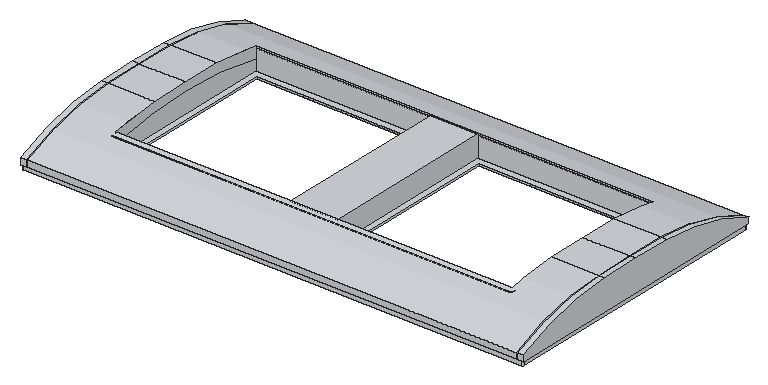
Revit family "Gira_0212738", category Electrical Fixtures, host Face, Revit 2017
Family settings
  Host = Face
  Maintain Annotation Orientation = No
  Round Connector Dimension = Use Diameter
  Part Type = Normal
  Cut with Voids When Loaded = No
  Shared = No
  Room Calculation Point = No
Parameters (values of type "Cov.fr. 2-g interm.fr. AN Gira Event Clear black")
  URL = "http://katalog.gira.de/en/datenblatt.html?artikelnr=0212738"
  Transparent = "No"
  Name = "Cov.fr. 2-g interm.fr. AN Gira Event Clear black"
  Manufacturer URL = "https://www.gira.de/"
  Manufacturer = "Gira"
  Label space/information surface = "No"
  Keynote = ""
  HeinzeBIM = "https://bimportal.heinze.de/bim/cov-fr-2-g-interm-fr-an-gira-event-clear-black/f1a78c52d405c4365b9ca6b942b24290dbd9e245"
  HAN = "0212738"
  GTIN = "4010337068914"
  Description = "Cov.fr.2g i.fr.AN EvCl BK,Gira Event Clear cover frame,black with anthracite intermediate frame,2-gang,Features:,- Shatter-proof."
  Default Elevation = 1219.2 mm
  Data sheet (1) = "https://katalog.gira.de/en/download.html?artikelnr=0212738"
  Category = "Cover frame for domestic switching devices"
  BIM (1) = "https://media.stage.bim.site/public/gira/36a6b08/Event_Rahmen_2fach.rfa"
  Available = "No"
Reference planes
  plane 1 "Center (Front/Back)": y = 0
  plane 2: z = 0
  plane 3 "Center (Left/Right)": x = 0
Forms (mm)
  Extrusion 1, solid, detail levels fine
    sketch origin (0, 0, 0.05) x (0, 1, 0) y (0, 0, 1)
      loop
        arc (12.445, 9.683) -> (6.223, 9.833) -> (0, 9.85) r 291.636
        arc (0, 9.85) -> (-6.223, 9.833) -> (-12.445, 9.683) r 291.636
        arc (-12.445, 9.683) -> (-29.14, 7.482) -> (-45, 1.823) r 79.728
        line (-45, 1.823) -> (-45, -0.05) -> (-42.086, -0.05)
        arc (-42.086, -0.05) -> (-21.385, 5.559) -> (0, 7.206) r 114.424
        arc (0, 7.206) -> (21.385, 5.559) -> (42.086, -0.05) r 114.424
        line (42.086, -0.05) -> (45, -0.05) -> (45, 1.823)
        arc (45, 1.823) -> (29.14, 7.482) -> (12.445, 9.683) r 79.728
    from -78.55 to 78.55
  Extrusion 2, void, detail levels fine
    sketch origin (0, 0, 0) x (1, 0, 0) y (0, 1, 0)
      loop
        line (-63.55, -27.937) -> (63.55, -27.937) -> (63.55, 28.063) -> (-63.55, 28.063) -> (-63.55, -27.937)
    from 0.724 to 11
  Extrusion 3, solid, detail levels coarse
    sketch origin (0, 0, 0) x (1, 0, 0) y (0, 1, 0)
      loop
        line (-80.55, 45) -> (-80.55, -45) -> (80.55, -45) -> (80.55, 45) -> (-80.55, 45)
    from -1.5 to 9.9
  Extrusion 4, solid, detail levels medium
    sketch origin (0, 0, 0.05) x (0, 1, 0) y (0, 0, 1)
      loop
        arc (12.445, 9.683) -> (6.223, 9.833) -> (0, 9.85) r 291.636
        arc (0, 9.85) -> (-6.223, 9.833) -> (-12.445, 9.683) r 291.636
        arc (-12.445, 9.683) -> (-29.14, 7.482) -> (-45, 1.823) r 79.728
        line (-45, 1.823) -> (-45, -0.05) -> (45, -0.05) -> (45, 1.823)
        arc (45, 1.823) -> (29.14, 7.482) -> (12.445, 9.683) r 79.728
    from -80.55 to 80.55
  Extrusion 5, solid, detail levels fine
    sketch origin (-35.55, 0, -1.5) x (0, 1, 0) y (0, 0, -1)
      loop
        line (45, -3.373) -> (45, -1.5) -> (-45, -1.5) -> (-45, -3.373)
        arc (-45, -3.373) -> (-29.14, -9.032) -> (-12.445, -11.233) r 79.728
        arc (-12.445, -11.233) -> (-6.223, -11.383) -> (0, -11.4) r 291.636
        arc (0, -11.4) -> (6.223, -11.383) -> (12.445, -11.233) r 291.636
        arc (12.445, -11.233) -> (29.14, -9.032) -> (45, -3.373) r 79.728
    from 43 to 45
  Extrusion 6, solid, detail levels fine
    sketch origin (0, 0, 0) x (1, 0, 0) y (0, 1, 0)
      loop
        line (-61.45, 25.7) -> (-61.45, -25.7) -> (-9.65, -25.7) -> (-9.65, 25.7) -> (-61.45, 25.7)
      loop
        line (61.45, -25.7) -> (61.45, 25.7) -> (9.65, 25.7) -> (9.65, -25.7) -> (61.45, -25.7)
      loop
        line (-64.445, 28.49) -> (-64.445, -28.495)
        spline (-64.445, -28.495) -> (-64.436, -28.625) -> (-64.411, -28.754) -> (-64.369, -28.878) -> (-64.311, -28.995) -> (-64.238, -29.104) -> (-64.152, -29.202) -> (-64.054, -29.288) -> (-63.945, -29.361) -> (-63.828, -29.419) -> (-63.704, -29.461) -> (-63.575, -29.486) -> (-63.445, -29.495)
        line (-63.445, -29.495) -> (63.445, -29.495)
        spline (63.445, -29.495) -> (63.575, -29.486) -> (63.704, -29.461) -> (63.828, -29.419) -> (63.945, -29.361) -> (64.054, -29.288) -> (64.152, -29.202) -> (64.238, -29.104) -> (64.311, -28.995) -> (64.369, -28.878) -> (64.411, -28.754) -> (64.436, -28.625) -> (64.445, -28.495)
        line (64.445, -28.495) -> (64.445, 28.49)
        spline (64.445, 28.49) -> (64.436, 28.62) -> (64.411, 28.748) -> (64.369, 28.872) -> (64.311, 28.99) -> (64.238, 29.098) -> (64.152, 29.197) -> (64.054, 29.283) -> (63.945, 29.356) -> (63.828, 29.413) -> (63.704, 29.456) -> (63.575, 29.481) -> (63.445, 29.49)
        line (63.445, 29.49) -> (-63.445, 29.49)
        spline (-63.445, 29.49) -> (-63.575, 29.481) -> (-63.704, 29.456) -> (-63.828, 29.413) -> (-63.945, 29.356) -> (-64.054, 29.283) -> (-64.152, 29.197) -> (-64.238, 29.098) -> (-64.311, 28.99) -> (-64.369, 28.872) -> (-64.411, 28.748) -> (-64.436, 28.62) -> (-64.445, 28.49)
    from 0.1 to 7.3
  Extrusion 7, solid
    sketch origin (0, 0, 0) x (1, 0, 0) y (0, 1, 0)
      loop
        arc (-80.25, -44.2) -> (-80.104, -44.554) -> (-79.75, -44.7) r 0.5
        line (-79.75, -44.7) -> (79.75, -44.7)
        arc (79.75, -44.7) -> (80.104, -44.554) -> (80.25, -44.2) r 0.5
        line (80.25, -44.2) -> (80.25, 44.2)
        arc (80.25, 44.2) -> (80.104, 44.554) -> (79.75, 44.7) r 0.5
        line (79.75, 44.7) -> (-79.75, 44.7)
        arc (-79.75, 44.7) -> (-80.104, 44.554) -> (-80.25, 44.2) r 0.5
        line (-80.25, 44.2) -> (-80.25, -44.2)
      loop
        line (-78.55, 43) -> (-78.55, -43) -> (78.55, -43) -> (78.55, 43) -> (-78.55, 43)
    from -1.5 to 0.5
  Extrusion 8, solid, detail levels fine
    sketch origin (35.55, 0, -1.5) x (0, 1, 0) y (0, 0, 1)
      loop
        arc (45, 3.373) -> (29.14, 9.032) -> (12.445, 11.233) r 79.728
        arc (12.445, 11.233) -> (6.223, 11.383) -> (0, 11.4) r 291.636
        arc (0, 11.4) -> (-6.223, 11.383) -> (-12.445, 11.233) r 291.636
        arc (-12.445, 11.233) -> (-29.14, 9.032) -> (-45, 3.373) r 79.728
        line (-45, 3.373) -> (-45, 1.5) -> (45, 1.5) -> (45, 3.373)
    from 43 to 45
  Extrusion 9, solid, detail levels medium
    sketch origin (0, 0, 0) x (1, 0, 0) y (0, 1, 0)
      loop
        line (-80.25, -44.7) -> (80.25, -44.7) -> (80.25, 44.7) -> (-80.25, 44.7) -> (-80.25, -44.7)
    from -1.5 to 0.5
  Extrusion 10, solid, detail levels fine
    sketch origin (0, 0, 0) x (1, 0, 0) y (0, 1, 0)
      loop
        line (-7.55, 28.063) -> (-7.55, -27.937) -> (7.55, -27.937) -> (7.55, 28.063) -> (-7.55, 28.063)
    from 0.724 to 7.566
Cuts and joins
  Extrusion 2 cuts Extrusion 1
  Extrusion 2 cuts Extrusion 6
Dimensions and locks
  aligned and locked: plane 2 to host face
  aligned and locked: level to host face
